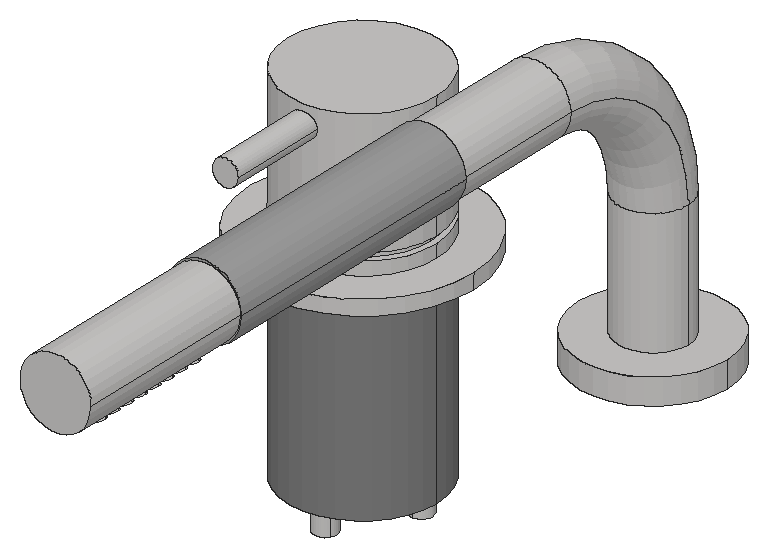
Revit family "500T1", category Generic Models, Revit 2021
Family settings
  Can host rebar = No
  Round Connector Dimension = Use Diameter
  Part Type = Normal
  Work Plane-Based = No
  Always vertical = Yes
  Cut with Voids When Loaded = No
  Shared = No
  Room Calculation Point = No
Parameters (values of type "Standard")
  e-mail = "info@vola.com"
  URL = "http://vola.com"
  Telephone = "+45 7023 5500"
  Quality management standard = "ISO 9001"
  Organisation no. / DUNS no. = "17531328"
  Occupational health and safety management standard = "ISO 18001"
  Mounting Instructions = "http://vola.com/service/producturl.ashx?name=500T1"
  Model = "500T1"
  Materials and components information = "http://vola.com/service/producturl.ashx?name=500T1"
  Manufacturer = "VOLA A/S"
  Maintenance Instructions = "http://vola.com/service/producturl.ashx?name=500T1"
  Guarantee = "2 years"
  Flow = "11,00 l/min"
  Environmental management standard = "ISO 14000"
  Default Elevation = 0.00 mm
  Connection - All relevant connections = "10mm flexible hose"
  Approvals = "http://vola.com/service/producturl.ashx?name=500T1"
Reference planes
  plane 1 "Center (Front/Back)": y = 0
  plane 2: z = 0
  plane 3 "Center (Left/Right)": x = 0
Dimensions and locks
  aligned and locked: plane 2 to level
Nested families
  nested 1: "T1" at (0, 0, 0), type "T1"
  nested 2: "500" at (-78, 0, 0), type "500"
Connectors
  piping at (-88.825, 6.25, -63), diameter 6
    settings: on nested 2, index 1, connector inside diameter 0.23622", connector length 0.00 mm, flow factor 0, pipe flow 0 GPM, pressure drop 0.00 psi, fitting loss kfactor 0, connector angle 0.00°, fixture units 0, engagement length 0.00 mm, angle of deflection 0.00°, flow configuration 0, flow direction 1, fitting loss method 0, system type 19, joint type 0, gender type 0, connector reference index -1, connector utility 0, adjustable connector no, is connector primary yes, connector description ""
  piping at (-67.175, 6.25, -63), diameter 6
    settings: on nested 2, index 2, connector inside diameter 0.23622", connector length 0.00 mm, flow factor 0, pipe flow 0 GPM, pressure drop 0.00 psi, fitting loss kfactor 0, connector angle 0.00°, fixture units 0, engagement length 0.00 mm, angle of deflection 0.00°, flow configuration 0, flow direction 1, fitting loss method 0, system type 20, joint type 0, gender type 0, connector reference index -1, connector utility 0, adjustable connector no, is connector primary no, connector description ""
Definition of nested family "T1"
  Parameters
    e-mail = "info@vola.com"
    URL = "http://vola.com"
    Telephone = "+45 7023 5500"
    Quality management standard = "ISO 9001"
    Organisation no. / DUNS no. = "17531328"
    Occupational health and safety management standard = "ISO 18001"
    Mounting Instructions = "http://vola.com/service/producturl.ashx?name=T1"
    Model = "T1"
    Materials and components information = "http://vola.com/service/producturl.ashx?name=T1"
    Manufacturer = "VOLA A/S"
    Maintenance Instructions = "http://vola.com/service/producturl.ashx?name=T1"
    Guarantee = "2 years"
    Environmental management standard = "ISO 14000"
    Default Elevation = 0.00 mm
    Connection - All relevant connections = ""
    Approvals = "http://vola.com/service/producturl.ashx?name=T1"
  Reference planes
    plane 1 "Center (Front/Back)": y = 0
    plane 2: z = 0
    plane 3 "Center (Left/Right)": x = 0
  Forms (mm)
    Extrusion 1, solid
      sketch origin (0, 0, 0) x (1, 0, 0) y (0, 1, 0)
        loop
          circle (0, 0) r 20
      from 0 to 7
    Sweep 2, solid
      path origin (0, 0, 0) x (0, 1, 0) y (0, 0, 1)
        loop
          line (0, 7) -> (0, 40.5)
          arc (0, 40.5) -> (-11.569, 68.431) -> (-39.5, 80) r 39.5
          line (-39.5, 80) -> (-75.5, 80)
      profile origin (0, 0, 23.75) x (0, -1, 0) y (1, 0, 0)
        loop
          circle (0, 0) r 9.5
    Extrusion 3, solid
      sketch origin (0, -75.5, 80) x (1, 0, 0) y (0, 0, 1)
        loop
          circle (0, 0) r 10
      from 0 to 75
    Extrusion 4, solid
      sketch origin (0, -150.5, 80) x (1, 0, 0) y (0, 0, 1)
        loop
          circle (0, 0) r 9.5
      from 0 to 50
    Extrusion 5, solid
      sketch origin (0, 9.25, 62.884) x (1, 0, 0) y (0, 1, 0)
        loop
          circle (0, -200.45) r 1.225
        loop
          circle (0, -195.95) r 1.225
        loop
          circle (0, -191.45) r 1.225
        loop
          circle (0, -186.95) r 1.225
        loop
          circle (0, -182.45) r 1.225
        loop
          circle (0, -177.95) r 1.225
        loop
          circle (0, -173.45) r 1.225
        loop
          circle (0, -168.95) r 1.225
      from 7.116 to 10.217
    Extrusion 6, solid
      sketch origin (8.298, 9.25, 65.03) x (-0.87462, 0, -0.48481) y (0, -1, 0)
        loop
          circle (0, 200.45) r 1.225
        loop
          circle (0, 195.95) r 1.225
        loop
          circle (0, 191.45) r 1.225
        loop
          circle (0, 186.95) r 1.225
        loop
          circle (0, 182.45) r 1.225
        loop
          circle (0, 177.95) r 1.225
        loop
          circle (0, 173.45) r 1.225
        loop
          circle (0, 168.95) r 1.225
      from 7.116 to 10.217
    Extrusion 7, solid
      sketch origin (-8.298, 9.25, 65.03) x (0.87462, 0, -0.48481) y (0, 1, 0)
        loop
          circle (0, -200.45) r 1.225
        loop
          circle (0, -195.95) r 1.225
        loop
          circle (0, -191.45) r 1.225
        loop
          circle (0, -186.95) r 1.225
        loop
          circle (0, -182.45) r 1.225
        loop
          circle (0, -177.95) r 1.225
        loop
          circle (0, -173.45) r 1.225
        loop
          circle (0, -168.95) r 1.225
      from 7.116 to 10.217
  Cuts and joins
    joined: Extrusion 4, Extrusion 5, Extrusion 6, Extrusion 7
  Dimensions and locks
    aligned and locked: plane 2 to level
Definition of nested family "500"
  Parameters
    e-mail = "info@vola.com"
    URL = "http://vola.com"
    Telephone = "+45 7023 5500"
    Quality management standard = "ISO 9001"
    Organisation no. / DUNS no. = "17531328"
    Occupational health and safety management standard = "ISO 18001"
    Mounting Instructions = "http://vola.com/service/producturl.ashx?name=500"
    Model = "500"
    Materials and components information = "http://vola.com/service/producturl.ashx?name=500"
    Manufacturer = "VOLA A/S"
    Maintenance Instructions = "http://vola.com/service/producturl.ashx?name=500"
    Guarantee = "2 years"
    Flow = "14,50 l/min"
    Environmental management standard = "ISO 14000"
    Default Elevation = 0.00 mm
    Connection - All relevant connections = "10mm flexible hose"
    Approvals = "http://vola.com/service/producturl.ashx?name=500"
  Reference planes
    plane 1 "Center (Front/Back)": y = 0
    plane 2: z = 0
    plane 3 "Center (Left/Right)": x = 0
  Forms (mm)
    Extrusion 1, solid
      sketch origin (0, 0, 0) x (1, 0, 0) y (0, 1, 0)
        loop
          circle (0, 0) r 30
      from 0 to 4
    Extrusion 2, solid
      sketch origin (0, 0, 7.5) x (1, 0, 0) y (0, 1, 0)
        loop
          circle (0, 0) r 18.25
      from 0 to 2
    Extrusion 3, solid
      sketch origin (0, 0, 9.5) x (1, 0, 0) y (0, 1, 0)
        loop
          circle (0, 0) r 20
      from 0 to 33.5
    Extrusion 4, solid
      sketch origin (0, 0, 3.25) x (1, 0, 0) y (0, 0, 1)
        loop
          circle (0, 34.5) r 3.5
      from 0 to 46
    Extrusion 5, solid
      sketch origin (0, 0, 0) x (0, 1, 0) y (1, 0, 0)
        loop
          circle (0, 0) r 20
      from 0 to 55
    Extrusion 6, solid
      sketch origin (0, 0, -55) x (0, 1, 0) y (1, 0, 0)
        loop
          circle (6.25, 10.825) r 3
        loop
          circle (6.25, -10.825) r 3
        loop
          circle (-12.5, 0) r 3
      from 0 to 8
    Extrusion 7, solid
      sketch origin (0, 0, 4) x (1, 0, 0) y (0, 1, 0)
        loop
          circle (0, 0) r 20
      from 0 to 3.5
  Cuts and joins
    joined: Extrusion 3, Extrusion 4
  Lines and regions (mm)
    model lines
      curve 1: line (6.05, -19.063, 43) -> (6.05, 19.063, 43)
      curve 2: line (-6.05, -19.063, 43) -> (-6.05, 19.063, 43)
    reference lines
      curve 3: line (-10.825, 6.25, -55) -> (-10.825, 6.25, -80)
      curve 4: line (10.825, 6.25, -55) -> (10.825, 6.25, -80)
  Dimensions and locks
    aligned and locked: plane 2 to level
